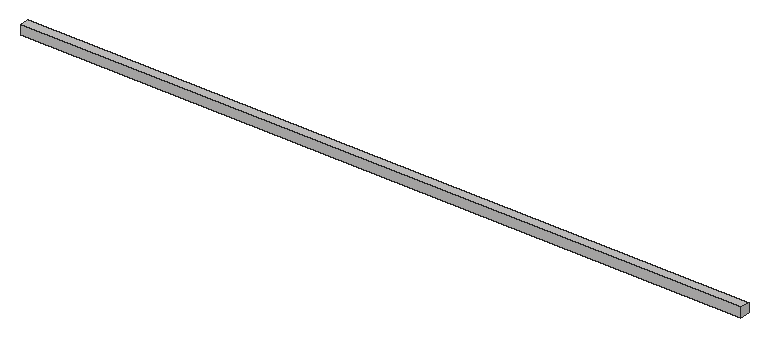
Revit family "Lighting-Strip-Acclaim-Flex Tube SE RGB", category Lighting Fixtures, host Face, Revit 2015
Parameters
  Width = 0.63"
  Wattage = 9.2903 W
  built-in parameter 1150110 = 1 (stored number, unit not read)
  Voltage = 0 V
  URL = "http://www.acclaimlighting.com/"
  built-in parameter 1114217 = 1 (stored number, unit not read)
  Tilt Angle = -90.00°
  built-in parameter 1150109 = 1 (stored number, unit not read)
  built-in parameter 1150134 = 3
  built-in parameter 1150113 = 1 (stored number, unit not read)
  Power Factor = 1
  Photometric Web File = "generic"
  Number of Poles = 1
  built-in parameter 1150142 = (empty or 0)
  Model = "Flex Tube SE RGB"
  Manufacturer = "Acclaim Lighting"
  built-in parameter 1150105 = 109.82 (stored number, unit not read)
  Lumens = 1380 lm
  built-in parameter 1150115 = 1 (stored number, unit not read)
  built-in parameter 1150137 = (empty or 0)
  built-in parameter 1150139 = (empty or 0)
  Length [instance] = 48.0"
  built-in parameter 1150112 = 1 (stored number, unit not read)
  built-in parameter 1150114 = 1 (stored number, unit not read)
  Lamp = "LED"
  built-in parameter 1150132 = (empty or 0)
  built-in parameter 1150102 = (empty or 0)
  built-in parameter 1150107 = 3200 (stored number, unit not read)
  built-in parameter 1150138 = (empty or 0)
  built-in parameter 1150106 = 1.0982 (stored number, unit not read)
  Housing Finish = Aluminum
  Height = 0.63"
  Emit from Line Length = 48.0"
  built-in parameter 1150104 = 13.8 (stored number, unit not read)
  Dimming Lamp Color Temperature Shift = <None>
  Description = "LED Tube"
  Default Elevation = 48.0"
  Color Filter = 16777215
  built-in parameter 1114218 = 1 (stored number, unit not read)
  built-in parameter 1150133 = 10 (stored number, unit not read)
  Apparent Load = 0 VA
Reference planes (in)
  plane 1 "Center (Front/Back)": y = 0
  plane 2: z = 0
  plane 3 "Center (Left/Right)": x = 0
  plane 4: x = -24
  plane 5: x = 24
  plane 6: y = 0.315
  plane 7: z = 6.9048
  plane 8: y = -0.315
  plane 9: z = 0.63
Forms (in)
  Extrusion 1, solid, material "Housing"
    sketch origin (0, 0, 0) x (1, 0, 0) y (0, 1, 0)
      loop
        line (-24, 0.315) -> (-24, -0.315) -> (24, -0.315) -> (24, 0.315) -> (-24, 0.315)
    from 0 to 0.63
Dimensions and locks (in)
  equal spacing: plane 4, plane 3 "Center (Left/Right)", plane 5
  equal spacing: plane 5, plane 3 "Center (Left/Right)", plane 4
  plane 5 to plane 4 = 48.0"
  "Length": plane 4 to plane 5
  equal spacing: plane 8, plane 1 "Center (Front/Back)", plane 6
  "Width": plane 8 to plane 6
  Extrusion 1 to Extrusion 1 = 0.63"
  "Height": plane 9 to host face
  aligned and locked: plane 2 to host face
  aligned and locked: level to host face
  aligned and locked: Extrusion 1 sketch curve to plane 5
  aligned and locked: plane 4 to Extrusion 1 sketch curve
  aligned and locked: plane 6 to Extrusion 1 sketch curve
  aligned and locked: plane 8 to Extrusion 1 sketch curve
  aligned and locked: plane 1 "Center (Front/Back)" to imposter light
  aligned and locked: plane 9 to Extrusion 1
Automatic sketch dimensions
  host sketch curve to host sketch curve = 96.0"  (x2)
Connectors (in)
  electrical at (24, 0, 0.315), driven by "Number of Poles", driven by "Voltage", driven by "Apparent Load", driven by "Power Factor"
    settings: on Extrusion 1, index 1, voltage 0 V, apparent load 0 VA, apparent load phase1 0 VA, apparent load phase2 0 VA, apparent load phase3 0 VA, power factor 1, load classification "Other", number of poles 1, system type 31, power factor state 1, is connector primary yes, connector utility no, sub classification motor no, connector description "Power"
